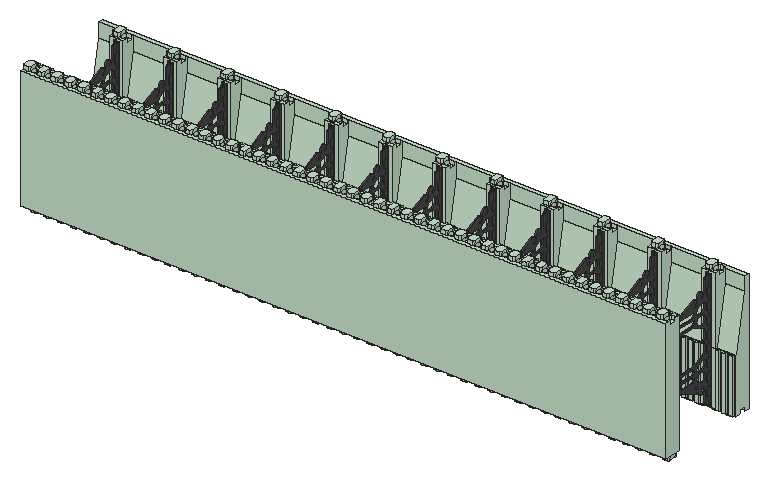
Revit family (continued)
Forms (mm)
  Extrusion 54, void
    sketch origin (1574.8, 0.004, 0) x (-1, 0, 0) y (0, -1, 0)
      loop
        arc (50.8, -101.014) -> (50.362, -98.696) -> (49.108, -96.698) r 6.35
        arc (49.108, -96.698) -> (48.795, -96.199) -> (48.685, -95.62) r 1.588
        line (48.685, -95.62) -> (48.685, -86.829) -> (44.346, -86.829) -> (44.346, -92.457)
        arc (44.346, -92.457) -> (43.786, -93.668) -> (42.5, -94.024) r 1.587
        arc (42.5, -94.024) -> (36.091, -93.737) -> (29.796, -94.972) r 26.988
        arc (29.796, -94.972) -> (26.615, -97.278) -> (25.4, -101.014) r 6.35
        line (25.4, -101.014) -> (25.4, -124.411)
    from 457.2 to 444.5
  Extrusion 55, void
    sketch origin (1371.6, 0.004, 0) x (-1, 0, 0) y (0, -1, 0)
      loop
        arc (25.4, -124.411) -> (26.615, -128.147) -> (29.796, -130.453) r 6.35
        arc (29.796, -130.453) -> (38.1, -131.763) -> (46.404, -130.453) r 26.987
        arc (46.404, -130.453) -> (49.585, -128.147) -> (50.8, -124.411) r 6.35
        line (50.8, -124.411) -> (50.8, -101.014)
        arc (50.8, -101.014) -> (50.362, -98.696) -> (49.108, -96.698) r 6.35
        arc (49.108, -96.698) -> (48.795, -96.199) -> (48.685, -95.62) r 1.588
        line (48.685, -95.62) -> (48.685, -86.829) -> (44.346, -86.829) -> (44.346, -92.457)
        arc (44.346, -92.457) -> (43.786, -93.668) -> (42.5, -94.024) r 1.587
        arc (42.5, -94.024) -> (36.091, -93.737) -> (29.796, -94.972) r 26.988
        arc (29.796, -94.972) -> (26.615, -97.278) -> (25.4, -101.014) r 6.35
        line (25.4, -101.014) -> (25.4, -124.411)
    from 457.2 to 444.5
  Extrusion 56, void
    sketch origin (1168.4, 0.004, 0) x (-1, 0, 0) y (0, -1, 0)
      loop
        arc (25.4, -124.411) -> (26.615, -128.147) -> (29.796, -130.453) r 6.35
        arc (29.796, -130.453) -> (38.1, -131.763) -> (46.404, -130.453) r 26.987
        arc (46.404, -130.453) -> (49.585, -128.147) -> (50.8, -124.411) r 6.35
        line (50.8, -124.411) -> (50.8, -101.014)
        arc (50.8, -101.014) -> (50.362, -98.696) -> (49.108, -96.698) r 6.35
        arc (49.108, -96.698) -> (48.795, -96.199) -> (48.685, -95.62) r 1.588
        line (48.685, -95.62) -> (48.685, -86.829) -> (44.346, -86.829) -> (44.346, -92.457)
        arc (44.346, -92.457) -> (43.786, -93.668) -> (42.5, -94.024) r 1.587
        arc (42.5, -94.024) -> (36.091, -93.737) -> (29.796, -94.972) r 26.988
        arc (29.796, -94.972) -> (26.615, -97.278) -> (25.4, -101.014) r 6.35
        line (25.4, -101.014) -> (25.4, -124.411)
    from 457.2 to 444.5
  Extrusion 57, void
    sketch origin (965.2, 0.004, 0) x (-1, 0, 0) y (0, -1, 0)
      loop
        arc (25.4, -124.411) -> (26.615, -128.147) -> (29.796, -130.453) r 6.35
        arc (29.796, -130.453) -> (38.1, -131.763) -> (46.404, -130.453) r 26.987
        arc (46.404, -130.453) -> (49.585, -128.147) -> (50.8, -124.411) r 6.35
        line (50.8, -124.411) -> (50.8, -101.014)
        arc (50.8, -101.014) -> (50.362, -98.696) -> (49.108, -96.698) r 6.35
        arc (49.108, -96.698) -> (48.795, -96.199) -> (48.685, -95.62) r 1.588
        line (48.685, -95.62) -> (48.685, -86.829) -> (44.346, -86.829) -> (44.346, -92.457)
        arc (44.346, -92.457) -> (43.786, -93.668) -> (42.5, -94.024) r 1.587
        arc (42.5, -94.024) -> (36.091, -93.737) -> (29.796, -94.972) r 26.988
        arc (29.796, -94.972) -> (26.615, -97.278) -> (25.4, -101.014) r 6.35
        line (25.4, -101.014) -> (25.4, -124.411)
    from 457.2 to 444.5
  Extrusion 58, void
    sketch origin (762, 0.004, 0) x (-1, 0, 0) y (0, -1, 0)
      loop
        arc (25.4, -124.411) -> (26.615, -128.147) -> (29.796, -130.453) r 6.35
        arc (29.796, -130.453) -> (38.1, -131.763) -> (46.404, -130.453) r 26.987
        arc (46.404, -130.453) -> (49.585, -128.147) -> (50.8, -124.411) r 6.35
        line (50.8, -124.411) -> (50.8, -101.014)
        arc (50.8, -101.014) -> (50.362, -98.696) -> (49.108, -96.698) r 6.35
        arc (49.108, -96.698) -> (48.795, -96.199) -> (48.685, -95.62) r 1.588
        line (48.685, -95.62) -> (48.685, -86.829) -> (44.346, -86.829) -> (44.346, -92.457)
        arc (44.346, -92.457) -> (43.786, -93.668) -> (42.5, -94.024) r 1.587
        arc (42.5, -94.024) -> (36.091, -93.737) -> (29.796, -94.972) r 26.988
        arc (29.796, -94.972) -> (26.615, -97.278) -> (25.4, -101.014) r 6.35
        line (25.4, -101.014) -> (25.4, -124.411)
    from 457.2 to 444.5
  Extrusion 59, void
    sketch origin (558.8, 0.004, 0) x (-1, 0, 0) y (0, -1, 0)
      loop
        arc (25.4, -124.411) -> (26.615, -128.147) -> (29.796, -130.453) r 6.35
        arc (29.796, -130.453) -> (38.1, -131.763) -> (46.404, -130.453) r 26.987
        arc (46.404, -130.453) -> (49.585, -128.147) -> (50.8, -124.411) r 6.35
        line (50.8, -124.411) -> (50.8, -101.014)
        arc (50.8, -101.014) -> (50.362, -98.696) -> (49.108, -96.698) r 6.35
        arc (49.108, -96.698) -> (48.795, -96.199) -> (48.685, -95.62) r 1.588
        line (48.685, -95.62) -> (48.685, -86.829) -> (44.346, -86.829) -> (44.346, -92.457)
        arc (44.346, -92.457) -> (43.786, -93.668) -> (42.5, -94.024) r 1.587
        arc (42.5, -94.024) -> (36.091, -93.737) -> (29.796, -94.972) r 26.988
        arc (29.796, -94.972) -> (26.615, -97.278) -> (25.4, -101.014) r 6.35
        line (25.4, -101.014) -> (25.4, -124.411)
    from 457.2 to 444.5
  Extrusion 60, void
    sketch origin (355.6, 0.004, 0) x (-1, 0, 0) y (0, -1, 0)
      loop
        arc (25.4, -124.411) -> (26.615, -128.147) -> (29.796, -130.453) r 6.35
        arc (29.796, -130.453) -> (38.1, -131.763) -> (46.404, -130.453) r 26.987
        arc (46.404, -130.453) -> (49.585, -128.147) -> (50.8, -124.411) r 6.35
        line (50.8, -124.411) -> (50.8, -101.014)
        arc (50.8, -101.014) -> (50.362, -98.696) -> (49.108, -96.698) r 6.35
        arc (49.108, -96.698) -> (48.795, -96.199) -> (48.685, -95.62) r 1.588
        line (48.685, -95.62) -> (48.685, -86.829) -> (44.346, -86.829) -> (44.346, -92.457)
        arc (44.346, -92.457) -> (43.786, -93.668) -> (42.5, -94.024) r 1.587
        arc (42.5, -94.024) -> (36.091, -93.737) -> (29.796, -94.972) r 26.988
        arc (29.796, -94.972) -> (26.615, -97.278) -> (25.4, -101.014) r 6.35
        line (25.4, -101.014) -> (25.4, -124.411)
    from 457.2 to 444.5
  Extrusion 61, void
    sketch origin (152.4, 0.004, 0) x (-1, 0, 0) y (0, -1, 0)
      loop
        arc (25.4, -124.411) -> (26.615, -128.147) -> (29.796, -130.453) r 6.35
        arc (29.796, -130.453) -> (38.1, -131.763) -> (46.404, -130.453) r 26.987
        arc (46.404, -130.453) -> (49.585, -128.147) -> (50.8, -124.411) r 6.35
        line (50.8, -124.411) -> (50.8, -101.014)
        arc (50.8, -101.014) -> (50.362, -98.696) -> (49.108, -96.698) r 6.35
        arc (49.108, -96.698) -> (48.795, -96.199) -> (48.685, -95.62) r 1.588
        line (48.685, -95.62) -> (48.685, -86.829) -> (44.346, -86.829) -> (44.346, -92.457)
        arc (44.346, -92.457) -> (43.786, -93.668) -> (42.5, -94.024) r 1.587
        arc (42.5, -94.024) -> (36.091, -93.737) -> (29.796, -94.972) r 26.988
        arc (29.796, -94.972) -> (26.615, -97.278) -> (25.4, -101.014) r 6.35
        line (25.4, -101.014) -> (25.4, -124.411)
    from 457.2 to 444.5
  Extrusion 62, void
    sketch origin (50.8, -101.596, 0) x (-1, 0, 0) y (0, -1, 0)
      loop
        line (25.4, 124.411) -> (25.4, 101.014)
        arc (25.4, 101.014) -> (26.615, 97.278) -> (29.796, 94.972) r 6.35
        arc (29.796, 94.972) -> (36.091, 93.737) -> (42.5, 94.024) r 26.988
        arc (42.5, 94.024) -> (43.786, 93.668) -> (44.346, 92.457) r 1.587
        line (44.346, 92.457) -> (44.346, 86.829) -> (48.685, 86.829) -> (48.685, 95.62)
        arc (48.685, 95.62) -> (48.795, 96.199) -> (49.108, 96.698) r 1.588
        arc (49.108, 96.698) -> (50.362, 98.696) -> (50.8, 101.014) r 6.35
        line (50.8, 101.014) -> (50.8, 124.411)
        arc (50.8, 124.411) -> (49.585, 128.147) -> (46.404, 130.453) r 6.35
        arc (46.404, 130.453) -> (38.1, 131.763) -> (29.796, 130.453) r 26.987
        arc (29.796, 130.453) -> (26.615, 128.147) -> (25.4, 124.411) r 6.35
    from 0 to 12.7
  Extrusion 63, void
    sketch origin (101.6, -101.596, 0) x (-1, 0, 0) y (0, -1, 0)
      loop
        line (25.4, 124.411) -> (25.4, 101.014)
        arc (25.4, 101.014) -> (26.615, 97.278) -> (29.796, 94.972) r 6.35
        arc (29.796, 94.972) -> (36.091, 93.737) -> (42.5, 94.024) r 26.988
        arc (42.5, 94.024) -> (43.786, 93.668) -> (44.346, 92.457) r 1.587
        line (44.346, 92.457) -> (44.346, 86.829) -> (48.685, 86.829) -> (48.685, 95.62)
        arc (48.685, 95.62) -> (48.795, 96.199) -> (49.108, 96.698) r 1.588
        arc (49.108, 96.698) -> (50.362, 98.696) -> (50.8, 101.014) r 6.35
        line (50.8, 101.014) -> (50.8, 124.411)
        arc (50.8, 124.411) -> (49.585, 128.147) -> (46.404, 130.453) r 6.35
        arc (46.404, 130.453) -> (38.1, 131.763) -> (29.796, 130.453) r 26.987
        arc (29.796, 130.453) -> (26.615, 128.147) -> (25.4, 124.411) r 6.35
    from 0 to 12.7
  Extrusion 64, void
    sketch origin (152.4, -101.596, 0) x (-1, 0, 0) y (0, -1, 0)
      loop
        line (25.4, 124.411) -> (25.4, 101.014)
        arc (25.4, 101.014) -> (26.615, 97.278) -> (29.796, 94.972) r 6.35
        arc (29.796, 94.972) -> (36.091, 93.737) -> (42.5, 94.024) r 26.988
        arc (42.5, 94.024) -> (43.786, 93.668) -> (44.346, 92.457) r 1.587
        line (44.346, 92.457) -> (44.346, 86.829) -> (48.685, 86.829) -> (48.685, 95.62)
        arc (48.685, 95.62) -> (48.795, 96.199) -> (49.108, 96.698) r 1.588
        arc (49.108, 96.698) -> (50.362, 98.696) -> (50.8, 101.014) r 6.35
        line (50.8, 101.014) -> (50.8, 124.411)
        arc (50.8, 124.411) -> (49.585, 128.147) -> (46.404, 130.453) r 6.35
        arc (46.404, 130.453) -> (38.1, 131.763) -> (29.796, 130.453) r 26.987
        arc (29.796, 130.453) -> (26.615, 128.147) -> (25.4, 124.411) r 6.35
    from 0 to 12.7
  Extrusion 65, void
    sketch origin (203.2, -101.596, 0) x (-1, 0, 0) y (0, -1, 0)
      loop
        line (25.4, 124.411) -> (25.4, 101.014)
        arc (25.4, 101.014) -> (26.615, 97.278) -> (29.796, 94.972) r 6.35
        arc (29.796, 94.972) -> (36.091, 93.737) -> (42.5, 94.024) r 26.988
        arc (42.5, 94.024) -> (43.786, 93.668) -> (44.346, 92.457) r 1.587
        line (44.346, 92.457) -> (44.346, 86.829) -> (48.685, 86.829) -> (48.685, 95.62)
        arc (48.685, 95.62) -> (48.795, 96.199) -> (49.108, 96.698) r 1.588
        arc (49.108, 96.698) -> (50.362, 98.696) -> (50.8, 101.014) r 6.35
        line (50.8, 101.014) -> (50.8, 124.411)
        arc (50.8, 124.411) -> (49.585, 128.147) -> (46.404, 130.453) r 6.35
        arc (46.404, 130.453) -> (38.1, 131.763) -> (29.796, 130.453) r 26.987
        arc (29.796, 130.453) -> (26.615, 128.147) -> (25.4, 124.411) r 6.35
    from 0 to 12.7
  Extrusion 66, void
    sketch origin (254, -101.596, 0) x (-1, 0, 0) y (0, -1, 0)
      loop
        line (25.4, 124.411) -> (25.4, 101.014)
        arc (25.4, 101.014) -> (26.615, 97.278) -> (29.796, 94.972) r 6.35
        arc (29.796, 94.972) -> (36.091, 93.737) -> (42.5, 94.024) r 26.988
        arc (42.5, 94.024) -> (43.786, 93.668) -> (44.346, 92.457) r 1.587
        line (44.346, 92.457) -> (44.346, 86.829) -> (48.685, 86.829) -> (48.685, 95.62)
        arc (48.685, 95.62) -> (48.795, 96.199) -> (49.108, 96.698) r 1.588
        arc (49.108, 96.698) -> (50.362, 98.696) -> (50.8, 101.014) r 6.35
        line (50.8, 101.014) -> (50.8, 124.411)
        arc (50.8, 124.411) -> (49.585, 128.147) -> (46.404, 130.453) r 6.35
        arc (46.404, 130.453) -> (38.1, 131.763) -> (29.796, 130.453) r 26.987
        arc (29.796, 130.453) -> (26.615, 128.147) -> (25.4, 124.411) r 6.35
    from 0 to 12.7
  Extrusion 67, void
    sketch origin (304.8, -101.596, 0) x (-1, 0, 0) y (0, -1, 0)
      loop
        line (25.4, 124.411) -> (25.4, 101.014)
        arc (25.4, 101.014) -> (26.615, 97.278) -> (29.796, 94.972) r 6.35
        arc (29.796, 94.972) -> (36.091, 93.737) -> (42.5, 94.024) r 26.988
        arc (42.5, 94.024) -> (43.786, 93.668) -> (44.346, 92.457) r 1.587
        line (44.346, 92.457) -> (44.346, 86.829) -> (48.685, 86.829) -> (48.685, 95.62)
        arc (48.685, 95.62) -> (48.795, 96.199) -> (49.108, 96.698) r 1.588
        arc (49.108, 96.698) -> (50.362, 98.696) -> (50.8, 101.014) r 6.35
        line (50.8, 101.014) -> (50.8, 124.411)
        arc (50.8, 124.411) -> (49.585, 128.147) -> (46.404, 130.453) r 6.35
        arc (46.404, 130.453) -> (38.1, 131.763) -> (29.796, 130.453) r 26.987
        arc (29.796, 130.453) -> (26.615, 128.147) -> (25.4, 124.411) r 6.35
    from 0 to 12.7
  Extrusion 68, void
    sketch origin (355.6, -101.596, 0) x (-1, 0, 0) y (0, -1, 0)
      loop
        line (25.4, 124.411) -> (25.4, 101.014)
        arc (25.4, 101.014) -> (26.615, 97.278) -> (29.796, 94.972) r 6.35
        arc (29.796, 94.972) -> (36.091, 93.737) -> (42.5, 94.024) r 26.988
        arc (42.5, 94.024) -> (43.786, 93.668) -> (44.346, 92.457) r 1.587
        line (44.346, 92.457) -> (44.346, 86.829) -> (48.685, 86.829) -> (48.685, 95.62)
        arc (48.685, 95.62) -> (48.795, 96.199) -> (49.108, 96.698) r 1.588
        arc (49.108, 96.698) -> (50.362, 98.696) -> (50.8, 101.014) r 6.35
        line (50.8, 101.014) -> (50.8, 124.411)
        arc (50.8, 124.411) -> (49.585, 128.147) -> (46.404, 130.453) r 6.35
        arc (46.404, 130.453) -> (38.1, 131.763) -> (29.796, 130.453) r 26.987
        arc (29.796, 130.453) -> (26.615, 128.147) -> (25.4, 124.411) r 6.35
    from 0 to 12.7
  Extrusion 69, void
    sketch origin (406.4, -101.596, 0) x (-1, 0, 0) y (0, -1, 0)
      loop
        line (25.4, 124.411) -> (25.4, 101.014)
        arc (25.4, 101.014) -> (26.615, 97.278) -> (29.796, 94.972) r 6.35
        arc (29.796, 94.972) -> (36.091, 93.737) -> (42.5, 94.024) r 26.988
        arc (42.5, 94.024) -> (43.786, 93.668) -> (44.346, 92.457) r 1.587
        line (44.346, 92.457) -> (44.346, 86.829) -> (48.685, 86.829) -> (48.685, 95.62)
        arc (48.685, 95.62) -> (48.795, 96.199) -> (49.108, 96.698) r 1.588
        arc (49.108, 96.698) -> (50.362, 98.696) -> (50.8, 101.014) r 6.35
        line (50.8, 101.014) -> (50.8, 124.411)
        arc (50.8, 124.411) -> (49.585, 128.147) -> (46.404, 130.453) r 6.35
        arc (46.404, 130.453) -> (38.1, 131.763) -> (29.796, 130.453) r 26.987
        arc (29.796, 130.453) -> (26.615, 128.147) -> (25.4, 124.411) r 6.35
    from 0 to 12.7
  Extrusion 70, void
    sketch origin (457.2, -101.596, 0) x (-1, 0, 0) y (0, -1, 0)
      loop
        line (25.4, 124.411) -> (25.4, 101.014)
        arc (25.4, 101.014) -> (26.615, 97.278) -> (29.796, 94.972) r 6.35
        arc (29.796, 94.972) -> (36.091, 93.737) -> (42.5, 94.024) r 26.988
        arc (42.5, 94.024) -> (43.786, 93.668) -> (44.346, 92.457) r 1.587
        line (44.346, 92.457) -> (44.346, 86.829) -> (48.685, 86.829) -> (48.685, 95.62)
        arc (48.685, 95.62) -> (48.795, 96.199) -> (49.108, 96.698) r 1.588
        arc (49.108, 96.698) -> (50.362, 98.696) -> (50.8, 101.014) r 6.35
        line (50.8, 101.014) -> (50.8, 124.411)
        arc (50.8, 124.411) -> (49.585, 128.147) -> (46.404, 130.453) r 6.35
        arc (46.404, 130.453) -> (38.1, 131.763) -> (29.796, 130.453) r 26.987
        arc (29.796, 130.453) -> (26.615, 128.147) -> (25.4, 124.411) r 6.35
    from 0 to 12.7
  Extrusion 71, void
    sketch origin (508, -101.596, 0) x (-1, 0, 0) y (0, -1, 0)
      loop
        line (25.4, 124.411) -> (25.4, 101.014)
        arc (25.4, 101.014) -> (26.615, 97.278) -> (29.796, 94.972) r 6.35
        arc (29.796, 94.972) -> (36.091, 93.737) -> (42.5, 94.024) r 26.988
        arc (42.5, 94.024) -> (43.786, 93.668) -> (44.346, 92.457) r 1.587
        line (44.346, 92.457) -> (44.346, 86.829) -> (48.685, 86.829) -> (48.685, 95.62)
        arc (48.685, 95.62) -> (48.795, 96.199) -> (49.108, 96.698) r 1.588
        arc (49.108, 96.698) -> (50.362, 98.696) -> (50.8, 101.014) r 6.35
        line (50.8, 101.014) -> (50.8, 124.411)
        arc (50.8, 124.411) -> (49.585, 128.147) -> (46.404, 130.453) r 6.35
        arc (46.404, 130.453) -> (38.1, 131.763) -> (29.796, 130.453) r 26.987
        arc (29.796, 130.453) -> (26.615, 128.147) -> (25.4, 124.411) r 6.35
    from 0 to 12.7
  Extrusion 72, void
    sketch origin (558.8, -101.596, 0) x (-1, 0, 0) y (0, -1, 0)
      loop
        line (25.4, 124.411) -> (25.4, 101.014)
        arc (25.4, 101.014) -> (26.615, 97.278) -> (29.796, 94.972) r 6.35
        arc (29.796, 94.972) -> (36.091, 93.737) -> (42.5, 94.024) r 26.988
        arc (42.5, 94.024) -> (43.786, 93.668) -> (44.346, 92.457) r 1.587
        line (44.346, 92.457) -> (44.346, 86.829) -> (48.685, 86.829) -> (48.685, 95.62)
        arc (48.685, 95.62) -> (48.795, 96.199) -> (49.108, 96.698) r 1.588
        arc (49.108, 96.698) -> (50.362, 98.696) -> (50.8, 101.014) r 6.35
        line (50.8, 101.014) -> (50.8, 124.411)
        arc (50.8, 124.411) -> (49.585, 128.147) -> (46.404, 130.453) r 6.35
        arc (46.404, 130.453) -> (38.1, 131.763) -> (29.796, 130.453) r 26.987
        arc (29.796, 130.453) -> (26.615, 128.147) -> (25.4, 124.411) r 6.35
    from 0 to 12.7
  Extrusion 73, void
    sketch origin (609.6, -101.596, 0) x (-1, 0, 0) y (0, -1, 0)
      loop
        line (25.4, 124.411) -> (25.4, 101.014)
        arc (25.4, 101.014) -> (26.615, 97.278) -> (29.796, 94.972) r 6.35
        arc (29.796, 94.972) -> (36.091, 93.737) -> (42.5, 94.024) r 26.988
        arc (42.5, 94.024) -> (43.786, 93.668) -> (44.346, 92.457) r 1.587
        line (44.346, 92.457) -> (44.346, 86.829) -> (48.685, 86.829) -> (48.685, 95.62)
        arc (48.685, 95.62) -> (48.795, 96.199) -> (49.108, 96.698) r 1.588
        arc (49.108, 96.698) -> (50.362, 98.696) -> (50.8, 101.014) r 6.35
        line (50.8, 101.014) -> (50.8, 124.411)
        arc (50.8, 124.411) -> (49.585, 128.147) -> (46.404, 130.453) r 6.35
        arc (46.404, 130.453) -> (38.1, 131.763) -> (29.796, 130.453) r 26.987
        arc (29.796, 130.453) -> (26.615, 128.147) -> (25.4, 124.411) r 6.35
    from 0 to 12.7
  Extrusion 74, void
    sketch origin (660.4, -101.596, 0) x (-1, 0, 0) y (0, -1, 0)
      loop
        line (25.4, 124.411) -> (25.4, 101.014)
        arc (25.4, 101.014) -> (26.615, 97.278) -> (29.796, 94.972) r 6.35
        arc (29.796, 94.972) -> (36.091, 93.737) -> (42.5, 94.024) r 26.988
        arc (42.5, 94.024) -> (43.786, 93.668) -> (44.346, 92.457) r 1.587
        line (44.346, 92.457) -> (44.346, 86.829) -> (48.685, 86.829) -> (48.685, 95.62)
        arc (48.685, 95.62) -> (48.795, 96.199) -> (49.108, 96.698) r 1.588
        arc (49.108, 96.698) -> (50.362, 98.696) -> (50.8, 101.014) r 6.35
        line (50.8, 101.014) -> (50.8, 124.411)
        arc (50.8, 124.411) -> (49.585, 128.147) -> (46.404, 130.453) r 6.35
        arc (46.404, 130.453) -> (38.1, 131.763) -> (29.796, 130.453) r 26.987
        arc (29.796, 130.453) -> (26.615, 128.147) -> (25.4, 124.411) r 6.35
    from 0 to 12.7
  Extrusion 75, void
    sketch origin (711.2, -101.596, 0) x (-1, 0, 0) y (0, -1, 0)
      loop
        line (25.4, 124.411) -> (25.4, 101.014)
        arc (25.4, 101.014) -> (26.615, 97.278) -> (29.796, 94.972) r 6.35
        arc (29.796, 94.972) -> (36.091, 93.737) -> (42.5, 94.024) r 26.988
        arc (42.5, 94.024) -> (43.786, 93.668) -> (44.346, 92.457) r 1.587
        line (44.346, 92.457) -> (44.346, 86.829) -> (48.685, 86.829) -> (48.685, 95.62)
        arc (48.685, 95.62) -> (48.795, 96.199) -> (49.108, 96.698) r 1.588
        arc (49.108, 96.698) -> (50.362, 98.696) -> (50.8, 101.014) r 6.35
        line (50.8, 101.014) -> (50.8, 124.411)
        arc (50.8, 124.411) -> (49.585, 128.147) -> (46.404, 130.453) r 6.35
        arc (46.404, 130.453) -> (38.1, 131.763) -> (29.796, 130.453) r 26.987
        arc (29.796, 130.453) -> (26.615, 128.147) -> (25.4, 124.411) r 6.35
    from 0 to 12.7
  Extrusion 76, void
    sketch origin (762, -101.596, 0) x (-1, 0, 0) y (0, -1, 0)
      loop
        line (25.4, 124.411) -> (25.4, 101.014)
        arc (25.4, 101.014) -> (26.615, 97.278) -> (29.796, 94.972) r 6.35
        arc (29.796, 94.972) -> (36.091, 93.737) -> (42.5, 94.024) r 26.988
        arc (42.5, 94.024) -> (43.786, 93.668) -> (44.346, 92.457) r 1.587
        line (44.346, 92.457) -> (44.346, 86.829) -> (48.685, 86.829) -> (48.685, 95.62)
        arc (48.685, 95.62) -> (48.795, 96.199) -> (49.108, 96.698) r 1.588
        arc (49.108, 96.698) -> (50.362, 98.696) -> (50.8, 101.014) r 6.35
        line (50.8, 101.014) -> (50.8, 124.411)
        arc (50.8, 124.411) -> (49.585, 128.147) -> (46.404, 130.453) r 6.35
        arc (46.404, 130.453) -> (38.1, 131.763) -> (29.796, 130.453) r 26.987
        arc (29.796, 130.453) -> (26.615, 128.147) -> (25.4, 124.411) r 6.35
    from 0 to 12.7
  Extrusion 77, void
    sketch origin (812.8, -101.596, 0) x (-1, 0, 0) y (0, -1, 0)
      loop
        line (25.4, 124.411) -> (25.4, 101.014)
        arc (25.4, 101.014) -> (26.615, 97.278) -> (29.796, 94.972) r 6.35
        arc (29.796, 94.972) -> (36.091, 93.737) -> (42.5, 94.024) r 26.988
        arc (42.5, 94.024) -> (43.786, 93.668) -> (44.346, 92.457) r 1.587
        line (44.346, 92.457) -> (44.346, 86.829) -> (48.685, 86.829) -> (48.685, 95.62)
        arc (48.685, 95.62) -> (48.795, 96.199) -> (49.108, 96.698) r 1.588
        arc (49.108, 96.698) -> (50.362, 98.696) -> (50.8, 101.014) r 6.35
        line (50.8, 101.014) -> (50.8, 124.411)
        arc (50.8, 124.411) -> (49.585, 128.147) -> (46.404, 130.453) r 6.35
        arc (46.404, 130.453) -> (38.1, 131.763) -> (29.796, 130.453) r 26.987
        arc (29.796, 130.453) -> (26.615, 128.147) -> (25.4, 124.411) r 6.35
    from 0 to 12.7
  Extrusion 78, void
    sketch origin (863.6, -101.596, 0) x (-1, 0, 0) y (0, -1, 0)
      loop
        line (25.4, 124.411) -> (25.4, 101.014)
        arc (25.4, 101.014) -> (26.615, 97.278) -> (29.796, 94.972) r 6.35
        arc (29.796, 94.972) -> (36.091, 93.737) -> (42.5, 94.024) r 26.988
        arc (42.5, 94.024) -> (43.786, 93.668) -> (44.346, 92.457) r 1.587
        line (44.346, 92.457) -> (44.346, 86.829) -> (48.685, 86.829) -> (48.685, 95.62)
        arc (48.685, 95.62) -> (48.795, 96.199) -> (49.108, 96.698) r 1.588
        arc (49.108, 96.698) -> (50.362, 98.696) -> (50.8, 101.014) r 6.35
        line (50.8, 101.014) -> (50.8, 124.411)
        arc (50.8, 124.411) -> (49.585, 128.147) -> (46.404, 130.453) r 6.35
        arc (46.404, 130.453) -> (38.1, 131.763) -> (29.796, 130.453) r 26.987
        arc (29.796, 130.453) -> (26.615, 128.147) -> (25.4, 124.411) r 6.35
    from 0 to 12.7
  Extrusion 79, void
    sketch origin (914.4, -101.596, 0) x (-1, 0, 0) y (0, -1, 0)
      loop
        line (25.4, 124.411) -> (25.4, 101.014)
        arc (25.4, 101.014) -> (26.615, 97.278) -> (29.796, 94.972) r 6.35
        arc (29.796, 94.972) -> (36.091, 93.737) -> (42.5, 94.024) r 26.988
        arc (42.5, 94.024) -> (43.786, 93.668) -> (44.346, 92.457) r 1.587
        line (44.346, 92.457) -> (44.346, 86.829) -> (48.685, 86.829) -> (48.685, 95.62)
        arc (48.685, 95.62) -> (48.795, 96.199) -> (49.108, 96.698) r 1.588
        arc (49.108, 96.698) -> (50.362, 98.696) -> (50.8, 101.014) r 6.35
        line (50.8, 101.014) -> (50.8, 124.411)
        arc (50.8, 124.411) -> (49.585, 128.147) -> (46.404, 130.453) r 6.35
        arc (46.404, 130.453) -> (38.1, 131.763) -> (29.796, 130.453) r 26.987
        arc (29.796, 130.453) -> (26.615, 128.147) -> (25.4, 124.411) r 6.35
    from 0 to 12.7
  Extrusion 80, void
    sketch origin (965.2, -101.596, 0) x (-1, 0, 0) y (0, -1, 0)
      loop
        line (25.4, 124.411) -> (25.4, 101.014)
        arc (25.4, 101.014) -> (26.615, 97.278) -> (29.796, 94.972) r 6.35
        arc (29.796, 94.972) -> (36.091, 93.737) -> (42.5, 94.024) r 26.988
        arc (42.5, 94.024) -> (43.786, 93.668) -> (44.346, 92.457) r 1.587
        line (44.346, 92.457) -> (44.346, 86.829) -> (48.685, 86.829) -> (48.685, 95.62)
        arc (48.685, 95.62) -> (48.795, 96.199) -> (49.108, 96.698) r 1.588
        arc (49.108, 96.698) -> (50.362, 98.696) -> (50.8, 101.014) r 6.35
        line (50.8, 101.014) -> (50.8, 124.411)
        arc (50.8, 124.411) -> (49.585, 128.147) -> (46.404, 130.453) r 6.35
        arc (46.404, 130.453) -> (38.1, 131.763) -> (29.796, 130.453) r 26.987
        arc (29.796, 130.453) -> (26.615, 128.147) -> (25.4, 124.411) r 6.35
    from 0 to 12.7
  Extrusion 81, void
    sketch origin (1016, -101.596, 0) x (-1, 0, 0) y (0, -1, 0)
      loop
        line (25.4, 124.411) -> (25.4, 101.014)
        arc (25.4, 101.014) -> (26.615, 97.278) -> (29.796, 94.972) r 6.35
        arc (29.796, 94.972) -> (36.091, 93.737) -> (42.5, 94.024) r 26.988
        arc (42.5, 94.024) -> (43.786, 93.668) -> (44.346, 92.457) r 1.587
        line (44.346, 92.457) -> (44.346, 86.829) -> (48.685, 86.829) -> (48.685, 95.62)
        arc (48.685, 95.62) -> (48.795, 96.199) -> (49.108, 96.698) r 1.588
        arc (49.108, 96.698) -> (50.362, 98.696) -> (50.8, 101.014) r 6.35
        line (50.8, 101.014) -> (50.8, 124.411)
        arc (50.8, 124.411) -> (49.585, 128.147) -> (46.404, 130.453) r 6.35
        arc (46.404, 130.453) -> (38.1, 131.763) -> (29.796, 130.453) r 26.987
        arc (29.796, 130.453) -> (26.615, 128.147) -> (25.4, 124.411) r 6.35
    from 0 to 12.7
  Extrusion 82, void
    sketch origin (1066.8, -101.596, 0) x (-1, 0, 0) y (0, -1, 0)
      loop
        line (25.4, 124.411) -> (25.4, 101.014)
        arc (25.4, 101.014) -> (26.615, 97.278) -> (29.796, 94.972) r 6.35
        arc (29.796, 94.972) -> (36.091, 93.737) -> (42.5, 94.024) r 26.988
        arc (42.5, 94.024) -> (43.786, 93.668) -> (44.346, 92.457) r 1.587
        line (44.346, 92.457) -> (44.346, 86.829) -> (48.685, 86.829) -> (48.685, 95.62)
        arc (48.685, 95.62) -> (48.795, 96.199) -> (49.108, 96.698) r 1.588
        arc (49.108, 96.698) -> (50.362, 98.696) -> (50.8, 101.014) r 6.35
        line (50.8, 101.014) -> (50.8, 124.411)
        arc (50.8, 124.411) -> (49.585, 128.147) -> (46.404, 130.453) r 6.35
        arc (46.404, 130.453) -> (38.1, 131.763) -> (29.796, 130.453) r 26.987
        arc (29.796, 130.453) -> (26.615, 128.147) -> (25.4, 124.411) r 6.35
    from 0 to 12.7
  Extrusion 83, void
    sketch origin (1117.6, -101.596, 0) x (-1, 0, 0) y (0, -1, 0)
      loop
        line (25.4, 124.411) -> (25.4, 101.014)
        arc (25.4, 101.014) -> (26.615, 97.278) -> (29.796, 94.972) r 6.35
        arc (29.796, 94.972) -> (36.091, 93.737) -> (42.5, 94.024) r 26.988
        arc (42.5, 94.024) -> (43.786, 93.668) -> (44.346, 92.457) r 1.587
        line (44.346, 92.457) -> (44.346, 86.829) -> (48.685, 86.829) -> (48.685, 95.62)
        arc (48.685, 95.62) -> (48.795, 96.199) -> (49.108, 96.698) r 1.588
        arc (49.108, 96.698) -> (50.362, 98.696) -> (50.8, 101.014) r 6.35
        line (50.8, 101.014) -> (50.8, 124.411)
        arc (50.8, 124.411) -> (49.585, 128.147) -> (46.404, 130.453) r 6.35
        arc (46.404, 130.453) -> (38.1, 131.763) -> (29.796, 130.453) r 26.987
        arc (29.796, 130.453) -> (26.615, 128.147) -> (25.4, 124.411) r 6.35
    from 0 to 12.7
  Extrusion 84, void
    sketch origin (1168.4, -101.596, 0) x (-1, 0, 0) y (0, -1, 0)
      loop
        line (25.4, 124.411) -> (25.4, 101.014)
        arc (25.4, 101.014) -> (26.615, 97.278) -> (29.796, 94.972) r 6.35
        arc (29.796, 94.972) -> (36.091, 93.737) -> (42.5, 94.024) r 26.988
        arc (42.5, 94.024) -> (43.786, 93.668) -> (44.346, 92.457) r 1.587
        line (44.346, 92.457) -> (44.346, 86.829) -> (48.685, 86.829) -> (48.685, 95.62)
        arc (48.685, 95.62) -> (48.795, 96.199) -> (49.108, 96.698) r 1.588
        arc (49.108, 96.698) -> (50.362, 98.696) -> (50.8, 101.014) r 6.35
        line (50.8, 101.014) -> (50.8, 124.411)
        arc (50.8, 124.411) -> (49.585, 128.147) -> (46.404, 130.453) r 6.35
        arc (46.404, 130.453) -> (38.1, 131.763) -> (29.796, 130.453) r 26.987
        arc (29.796, 130.453) -> (26.615, 128.147) -> (25.4, 124.411) r 6.35
    from 0 to 12.7
  Extrusion 85, void
    sketch origin (1219.2, -101.596, 0) x (-1, 0, 0) y (0, -1, 0)
      loop
        line (25.4, 124.411) -> (25.4, 101.014)
        arc (25.4, 101.014) -> (26.615, 97.278) -> (29.796, 94.972) r 6.35
        arc (29.796, 94.972) -> (36.091, 93.737) -> (42.5, 94.024) r 26.988
        arc (42.5, 94.024) -> (43.786, 93.668) -> (44.346, 92.457) r 1.587
        line (44.346, 92.457) -> (44.346, 86.829) -> (48.685, 86.829) -> (48.685, 95.62)
        arc (48.685, 95.62) -> (48.795, 96.199) -> (49.108, 96.698) r 1.588
        arc (49.108, 96.698) -> (50.362, 98.696) -> (50.8, 101.014) r 6.35
        line (50.8, 101.014) -> (50.8, 124.411)
        arc (50.8, 124.411) -> (49.585, 128.147) -> (46.404, 130.453) r 6.35
        arc (46.404, 130.453) -> (38.1, 131.763) -> (29.796, 130.453) r 26.987
        arc (29.796, 130.453) -> (26.615, 128.147) -> (25.4, 124.411) r 6.35
    from 0 to 12.7
  Extrusion 86, void
    sketch origin (1270, -101.596, 0) x (-1, 0, 0) y (0, -1, 0)
      loop
        line (25.4, 124.411) -> (25.4, 101.014)
        arc (25.4, 101.014) -> (26.615, 97.278) -> (29.796, 94.972) r 6.35
        arc (29.796, 94.972) -> (36.091, 93.737) -> (42.5, 94.024) r 26.988
        arc (42.5, 94.024) -> (43.786, 93.668) -> (44.346, 92.457) r 1.587
        line (44.346, 92.457) -> (44.346, 86.829) -> (48.685, 86.829) -> (48.685, 95.62)
        arc (48.685, 95.62) -> (48.795, 96.199) -> (49.108, 96.698) r 1.588
        arc (49.108, 96.698) -> (50.362, 98.696) -> (50.8, 101.014) r 6.35
        line (50.8, 101.014) -> (50.8, 124.411)
        arc (50.8, 124.411) -> (49.585, 128.147) -> (46.404, 130.453) r 6.35
        arc (46.404, 130.453) -> (38.1, 131.763) -> (29.796, 130.453) r 26.987
        arc (29.796, 130.453) -> (26.615, 128.147) -> (25.4, 124.411) r 6.35
    from 0 to 12.7
  Extrusion 87, void
    sketch origin (1320.8, -101.596, 0) x (-1, 0, 0) y (0, -1, 0)
      loop
        line (25.4, 124.411) -> (25.4, 101.014)
        arc (25.4, 101.014) -> (26.615, 97.278) -> (29.796, 94.972) r 6.35
        arc (29.796, 94.972) -> (36.091, 93.737) -> (42.5, 94.024) r 26.988
        arc (42.5, 94.024) -> (43.786, 93.668) -> (44.346, 92.457) r 1.587
        line (44.346, 92.457) -> (44.346, 86.829) -> (48.685, 86.829) -> (48.685, 95.62)
        arc (48.685, 95.62) -> (48.795, 96.199) -> (49.108, 96.698) r 1.588
        arc (49.108, 96.698) -> (50.362, 98.696) -> (50.8, 101.014) r 6.35
        line (50.8, 101.014) -> (50.8, 124.411)
        arc (50.8, 124.411) -> (49.585, 128.147) -> (46.404, 130.453) r 6.35
        arc (46.404, 130.453) -> (38.1, 131.763) -> (29.796, 130.453) r 26.987
        arc (29.796, 130.453) -> (26.615, 128.147) -> (25.4, 124.411) r 6.35
    from 0 to 12.7
  Extrusion 88, void
    sketch origin (1371.6, -101.596, 0) x (-1, 0, 0) y (0, -1, 0)
      loop
        line (25.4, 124.411) -> (25.4, 101.014)
        arc (25.4, 101.014) -> (26.615, 97.278) -> (29.796, 94.972) r 6.35
        arc (29.796, 94.972) -> (36.091, 93.737) -> (42.5, 94.024) r 26.988
        arc (42.5, 94.024) -> (43.786, 93.668) -> (44.346, 92.457) r 1.587
        line (44.346, 92.457) -> (44.346, 86.829) -> (48.685, 86.829) -> (48.685, 95.62)
        arc (48.685, 95.62) -> (48.795, 96.199) -> (49.108, 96.698) r 1.588
        arc (49.108, 96.698) -> (50.362, 98.696) -> (50.8, 101.014) r 6.35
        line (50.8, 101.014) -> (50.8, 124.411)
        arc (50.8, 124.411) -> (49.585, 128.147) -> (46.404, 130.453) r 6.35
        arc (46.404, 130.453) -> (38.1, 131.763) -> (29.796, 130.453) r 26.987
        arc (29.796, 130.453) -> (26.615, 128.147) -> (25.4, 124.411) r 6.35
    from 0 to 12.7
  Extrusion 89, void
    sketch origin (1422.4, -101.596, 0) x (-1, 0, 0) y (0, -1, 0)
      loop
        line (25.4, 124.411) -> (25.4, 101.014)
        arc (25.4, 101.014) -> (26.615, 97.278) -> (29.796, 94.972) r 6.35
        arc (29.796, 94.972) -> (36.091, 93.737) -> (42.5, 94.024) r 26.988
        arc (42.5, 94.024) -> (43.786, 93.668) -> (44.346, 92.457) r 1.587
        line (44.346, 92.457) -> (44.346, 86.829) -> (48.685, 86.829) -> (48.685, 95.62)
        arc (48.685, 95.62) -> (48.795, 96.199) -> (49.108, 96.698) r 1.588
        arc (49.108, 96.698) -> (50.362, 98.696) -> (50.8, 101.014) r 6.35
        line (50.8, 101.014) -> (50.8, 124.411)
        arc (50.8, 124.411) -> (49.585, 128.147) -> (46.404, 130.453) r 6.35
        arc (46.404, 130.453) -> (38.1, 131.763) -> (29.796, 130.453) r 26.987
        arc (29.796, 130.453) -> (26.615, 128.147) -> (25.4, 124.411) r 6.35
    from 0 to 12.7
  Extrusion 90, void
    sketch origin (1473.2, -101.596, 0) x (-1, 0, 0) y (0, -1, 0)
      loop
        line (25.4, 124.411) -> (25.4, 101.014)
        arc (25.4, 101.014) -> (26.615, 97.278) -> (29.796, 94.972) r 6.35
        arc (29.796, 94.972) -> (36.091, 93.737) -> (42.5, 94.024) r 26.988
        arc (42.5, 94.024) -> (43.786, 93.668) -> (44.346, 92.457) r 1.587
        line (44.346, 92.457) -> (44.346, 86.829) -> (48.685, 86.829) -> (48.685, 95.62)
        arc (48.685, 95.62) -> (48.795, 96.199) -> (49.108, 96.698) r 1.588
        arc (49.108, 96.698) -> (50.362, 98.696) -> (50.8, 101.014) r 6.35
        line (50.8, 101.014) -> (50.8, 124.411)
        arc (50.8, 124.411) -> (49.585, 128.147) -> (46.404, 130.453) r 6.35
        arc (46.404, 130.453) -> (38.1, 131.763) -> (29.796, 130.453) r 26.987
        arc (29.796, 130.453) -> (26.615, 128.147) -> (25.4, 124.411) r 6.35
    from 0 to 12.7
  Extrusion 91, void
    sketch origin (1524, -101.596, 0) x (-1, 0, 0) y (0, -1, 0)
      loop
        line (25.4, 124.411) -> (25.4, 101.014)
        arc (25.4, 101.014) -> (26.615, 97.278) -> (29.796, 94.972) r 6.35
        arc (29.796, 94.972) -> (36.091, 93.737) -> (42.5, 94.024) r 26.988
        arc (42.5, 94.024) -> (43.786, 93.668) -> (44.346, 92.457) r 1.587
        line (44.346, 92.457) -> (44.346, 86.829) -> (48.685, 86.829) -> (48.685, 95.62)
        arc (48.685, 95.62) -> (48.795, 96.199) -> (49.108, 96.698) r 1.588
        arc (49.108, 96.698) -> (50.362, 98.696) -> (50.8, 101.014) r 6.35
        line (50.8, 101.014) -> (50.8, 124.411)
        arc (50.8, 124.411) -> (49.585, 128.147) -> (46.404, 130.453) r 6.35
        arc (46.404, 130.453) -> (38.1, 131.763) -> (29.796, 130.453) r 26.987
        arc (29.796, 130.453) -> (26.615, 128.147) -> (25.4, 124.411) r 6.35
    from 0 to 12.7
  Extrusion 92, void
    sketch origin (1574.8, -101.596, 0) x (-1, 0, 0) y (0, -1, 0)
      loop
        line (25.4, 124.411) -> (25.4, 101.014)
        arc (25.4, 101.014) -> (26.615, 97.278) -> (29.796, 94.972) r 6.35
        arc (29.796, 94.972) -> (36.091, 93.737) -> (42.5, 94.024) r 26.988
        arc (42.5, 94.024) -> (43.786, 93.668) -> (44.346, 92.457) r 1.587
        line (44.346, 92.457) -> (44.346, 86.829) -> (48.685, 86.829) -> (48.685, 95.62)
        arc (48.685, 95.62) -> (48.795, 96.199) -> (49.108, 96.698) r 1.588
        arc (49.108, 96.698) -> (50.362, 98.696) -> (50.8, 101.014) r 6.35
        line (50.8, 101.014) -> (50.8, 124.411)
        arc (50.8, 124.411) -> (49.585, 128.147) -> (46.404, 130.453) r 6.35
        arc (46.404, 130.453) -> (38.1, 131.763) -> (29.796, 130.453) r 26.987
        arc (29.796, 130.453) -> (26.615, 128.147) -> (25.4, 124.411) r 6.35
    from 0 to 12.7
  Extrusion 93, void
    sketch origin (1625.6, -101.596, 0) x (-1, 0, 0) y (0, -1, 0)
      loop
        line (25.4, 124.411) -> (25.4, 101.014)
        arc (25.4, 101.014) -> (26.615, 97.278) -> (29.796, 94.972) r 6.35
        arc (29.796, 94.972) -> (36.091, 93.737) -> (42.5, 94.024) r 26.988
        arc (42.5, 94.024) -> (43.786, 93.668) -> (44.346, 92.457) r 1.587
        line (44.346, 92.457) -> (44.346, 86.829) -> (48.685, 86.829) -> (48.685, 95.62)
        arc (48.685, 95.62) -> (48.795, 96.199) -> (49.108, 96.698) r 1.588
        arc (49.108, 96.698) -> (50.362, 98.696) -> (50.8, 101.014) r 6.35
        line (50.8, 101.014) -> (50.8, 124.411)
        arc (50.8, 124.411) -> (49.585, 128.147) -> (46.404, 130.453) r 6.35
        arc (46.404, 130.453) -> (38.1, 131.763) -> (29.796, 130.453) r 26.987
        arc (29.796, 130.453) -> (26.615, 128.147) -> (25.4, 124.411) r 6.35
    from 0 to 12.7
  Extrusion 94, void
    sketch origin (1676.4, -101.596, 0) x (-1, 0, 0) y (0, -1, 0)
      loop
        line (25.4, 124.411) -> (25.4, 101.014)
        arc (25.4, 101.014) -> (26.615, 97.278) -> (29.796, 94.972) r 6.35
        arc (29.796, 94.972) -> (36.091, 93.737) -> (42.5, 94.024) r 26.988
        arc (42.5, 94.024) -> (43.786, 93.668) -> (44.346, 92.457) r 1.587
        line (44.346, 92.457) -> (44.346, 86.829) -> (48.685, 86.829) -> (48.685, 95.62)
        arc (48.685, 95.62) -> (48.795, 96.199) -> (49.108, 96.698) r 1.588
        arc (49.108, 96.698) -> (50.362, 98.696) -> (50.8, 101.014) r 6.35
        line (50.8, 101.014) -> (50.8, 124.411)
        arc (50.8, 124.411) -> (49.585, 128.147) -> (46.404, 130.453) r 6.35
        arc (46.404, 130.453) -> (38.1, 131.763) -> (29.796, 130.453) r 26.987
        arc (29.796, 130.453) -> (26.615, 128.147) -> (25.4, 124.411) r 6.35
    from 0 to 12.7
  Extrusion 95, void
    sketch origin (1727.2, -101.596, 0) x (-1, 0, 0) y (0, -1, 0)
      loop
        line (25.4, 124.411) -> (25.4, 101.014)
        arc (25.4, 101.014) -> (26.615, 97.278) -> (29.796, 94.972) r 6.35
        arc (29.796, 94.972) -> (36.091, 93.737) -> (42.5, 94.024) r 26.988
        arc (42.5, 94.024) -> (43.786, 93.668) -> (44.346, 92.457) r 1.587
        line (44.346, 92.457) -> (44.346, 86.829) -> (48.685, 86.829) -> (48.685, 95.62)
        arc (48.685, 95.62) -> (48.795, 96.199) -> (49.108, 96.698) r 1.588
        arc (49.108, 96.698) -> (50.362, 98.696) -> (50.8, 101.014) r 6.35
        line (50.8, 101.014) -> (50.8, 124.411)
        arc (50.8, 124.411) -> (49.585, 128.147) -> (46.404, 130.453) r 6.35
        arc (46.404, 130.453) -> (38.1, 131.763) -> (29.796, 130.453) r 26.987
        arc (29.796, 130.453) -> (26.615, 128.147) -> (25.4, 124.411) r 6.35
    from 0 to 12.7
  Extrusion 96, void
    sketch origin (1778, -101.596, 0) x (-1, 0, 0) y (0, -1, 0)
      loop
        line (25.4, 124.411) -> (25.4, 101.014)
        arc (25.4, 101.014) -> (26.615, 97.278) -> (29.796, 94.972) r 6.35
        arc (29.796, 94.972) -> (36.091, 93.737) -> (42.5, 94.024) r 26.988
        arc (42.5, 94.024) -> (43.786, 93.668) -> (44.346, 92.457) r 1.587
        line (44.346, 92.457) -> (44.346, 86.829) -> (48.685, 86.829) -> (48.685, 95.62)
        arc (48.685, 95.62) -> (48.795, 96.199) -> (49.108, 96.698) r 1.588
        arc (49.108, 96.698) -> (50.362, 98.696) -> (50.8, 101.014) r 6.35
        line (50.8, 101.014) -> (50.8, 124.411)
        arc (50.8, 124.411) -> (49.585, 128.147) -> (46.404, 130.453) r 6.35
        arc (46.404, 130.453) -> (38.1, 131.763) -> (29.796, 130.453) r 26.987
        arc (29.796, 130.453) -> (26.615, 128.147) -> (25.4, 124.411) r 6.35
    from 0 to 12.7
  Extrusion 97, void
    sketch origin (1828.8, -101.596, 0) x (-1, 0, 0) y (0, -1, 0)
      loop
        line (25.4, 124.411) -> (25.4, 101.014)
        arc (25.4, 101.014) -> (26.615, 97.278) -> (29.796, 94.972) r 6.35
        arc (29.796, 94.972) -> (36.091, 93.737) -> (42.5, 94.024) r 26.988
        arc (42.5, 94.024) -> (43.786, 93.668) -> (44.346, 92.457) r 1.587
        line (44.346, 92.457) -> (44.346, 86.829) -> (48.685, 86.829) -> (48.685, 95.62)
        arc (48.685, 95.62) -> (48.795, 96.199) -> (49.108, 96.698) r 1.588
        arc (49.108, 96.698) -> (50.362, 98.696) -> (50.8, 101.014) r 6.35
        line (50.8, 101.014) -> (50.8, 124.411)
        arc (50.8, 124.411) -> (49.585, 128.147) -> (46.404, 130.453) r 6.35
        arc (46.404, 130.453) -> (38.1, 131.763) -> (29.796, 130.453) r 26.987
        arc (29.796, 130.453) -> (26.615, 128.147) -> (25.4, 124.411) r 6.35
    from 0 to 12.7
  Extrusion 98, void
    sketch origin (1879.6, -101.596, 0) x (-1, 0, 0) y (0, -1, 0)
      loop
        line (25.4, 124.411) -> (25.4, 101.014)
        arc (25.4, 101.014) -> (26.615, 97.278) -> (29.796, 94.972) r 6.35
        arc (29.796, 94.972) -> (36.091, 93.737) -> (42.5, 94.024) r 26.988
        arc (42.5, 94.024) -> (43.786, 93.668) -> (44.346, 92.457) r 1.587
        line (44.346, 92.457) -> (44.346, 86.829) -> (48.685, 86.829) -> (48.685, 95.62)
        arc (48.685, 95.62) -> (48.795, 96.199) -> (49.108, 96.698) r 1.588
        arc (49.108, 96.698) -> (50.362, 98.696) -> (50.8, 101.014) r 6.35
        line (50.8, 101.014) -> (50.8, 124.411)
        arc (50.8, 124.411) -> (49.585, 128.147) -> (46.404, 130.453) r 6.35
        arc (46.404, 130.453) -> (38.1, 131.763) -> (29.796, 130.453) r 26.987
        arc (29.796, 130.453) -> (26.615, 128.147) -> (25.4, 124.411) r 6.35
    from 0 to 12.7
  Extrusion 99, void
    sketch origin (1930.4, -101.596, 0) x (-1, 0, 0) y (0, -1, 0)
      loop
        line (25.4, 124.411) -> (25.4, 101.014)
        arc (25.4, 101.014) -> (26.615, 97.278) -> (29.796, 94.972) r 6.35
        arc (29.796, 94.972) -> (36.091, 93.737) -> (42.5, 94.024) r 26.988
        arc (42.5, 94.024) -> (43.786, 93.668) -> (44.346, 92.457) r 1.587
        line (44.346, 92.457) -> (44.346, 86.829) -> (48.685, 86.829) -> (48.685, 95.62)
        arc (48.685, 95.62) -> (48.795, 96.199) -> (49.108, 96.698) r 1.588
        arc (49.108, 96.698) -> (50.362, 98.696) -> (50.8, 101.014) r 6.35
        line (50.8, 101.014) -> (50.8, 124.411)
        arc (50.8, 124.411) -> (49.585, 128.147) -> (46.404, 130.453) r 6.35
        arc (46.404, 130.453) -> (38.1, 131.763) -> (29.796, 130.453) r 26.987
        arc (29.796, 130.453) -> (26.615, 128.147) -> (25.4, 124.411) r 6.35
    from 0 to 12.7
  Extrusion 100, void
    sketch origin (1981.2, -101.596, 0) x (-1, 0, 0) y (0, -1, 0)
      loop
        line (25.4, 124.411) -> (25.4, 101.014)
        arc (25.4, 101.014) -> (26.615, 97.278) -> (29.796, 94.972) r 6.35
        arc (29.796, 94.972) -> (36.091, 93.737) -> (42.5, 94.024) r 26.988
        arc (42.5, 94.024) -> (43.786, 93.668) -> (44.346, 92.457) r 1.587
        line (44.346, 92.457) -> (44.346, 86.829) -> (48.685, 86.829) -> (48.685, 95.62)
        arc (48.685, 95.62) -> (48.795, 96.199) -> (49.108, 96.698) r 1.588
        arc (49.108, 96.698) -> (50.362, 98.696) -> (50.8, 101.014) r 6.35
        line (50.8, 101.014) -> (50.8, 124.411)
        arc (50.8, 124.411) -> (49.585, 128.147) -> (46.404, 130.453) r 6.35
        arc (46.404, 130.453) -> (38.1, 131.763) -> (29.796, 130.453) r 26.987
        arc (29.796, 130.453) -> (26.615, 128.147) -> (25.4, 124.411) r 6.35
    from 0 to 12.7
  Extrusion 101, void
    sketch origin (2032, -101.596, 0) x (-1, 0, 0) y (0, -1, 0)
      loop
        line (25.4, 124.411) -> (25.4, 101.014)
        arc (25.4, 101.014) -> (26.615, 97.278) -> (29.796, 94.972) r 6.35
        arc (29.796, 94.972) -> (36.091, 93.737) -> (42.5, 94.024) r 26.988
        arc (42.5, 94.024) -> (43.786, 93.668) -> (44.346, 92.457) r 1.587
        line (44.346, 92.457) -> (44.346, 86.829) -> (48.685, 86.829) -> (48.685, 95.62)
        arc (48.685, 95.62) -> (48.795, 96.199) -> (49.108, 96.698) r 1.588
        arc (49.108, 96.698) -> (50.362, 98.696) -> (50.8, 101.014) r 6.35
        line (50.8, 101.014) -> (50.8, 124.411)
        arc (50.8, 124.411) -> (49.585, 128.147) -> (46.404, 130.453) r 6.35
        arc (46.404, 130.453) -> (38.1, 131.763) -> (29.796, 130.453) r 26.987
        arc (29.796, 130.453) -> (26.615, 128.147) -> (25.4, 124.411) r 6.35
    from 0 to 12.7
  Extrusion 102, void
    sketch origin (2082.8, -101.596, 0) x (-1, 0, 0) y (0, -1, 0)
      loop
        line (25.4, 124.411) -> (25.4, 101.014)
        arc (25.4, 101.014) -> (26.615, 97.278) -> (29.796, 94.972) r 6.35
        arc (29.796, 94.972) -> (36.091, 93.737) -> (42.5, 94.024) r 26.988
        arc (42.5, 94.024) -> (43.786, 93.668) -> (44.346, 92.457) r 1.587
        line (44.346, 92.457) -> (44.346, 86.829) -> (48.685, 86.829) -> (48.685, 95.62)
        arc (48.685, 95.62) -> (48.795, 96.199) -> (49.108, 96.698) r 1.588
        arc (49.108, 96.698) -> (50.362, 98.696) -> (50.8, 101.014) r 6.35
        line (50.8, 101.014) -> (50.8, 124.411)
        arc (50.8, 124.411) -> (49.585, 128.147) -> (46.404, 130.453) r 6.35
        arc (46.404, 130.453) -> (38.1, 131.763) -> (29.796, 130.453) r 26.987
        arc (29.796, 130.453) -> (26.615, 128.147) -> (25.4, 124.411) r 6.35
    from 0 to 12.7
  Extrusion 103, void
    sketch origin (2133.6, -101.596, 0) x (-1, 0, 0) y (0, -1, 0)
      loop
        line (25.4, 124.411) -> (25.4, 101.014)
        arc (25.4, 101.014) -> (26.615, 97.278) -> (29.796, 94.972) r 6.35
        arc (29.796, 94.972) -> (36.091, 93.737) -> (42.5, 94.024) r 26.988
        arc (42.5, 94.024) -> (43.786, 93.668) -> (44.346, 92.457) r 1.587
        line (44.346, 92.457) -> (44.346, 86.829) -> (48.685, 86.829) -> (48.685, 95.62)
        arc (48.685, 95.62) -> (48.795, 96.199) -> (49.108, 96.698) r 1.588
        arc (49.108, 96.698) -> (50.362, 98.696) -> (50.8, 101.014) r 6.35
        line (50.8, 101.014) -> (50.8, 124.411)
        arc (50.8, 124.411) -> (49.585, 128.147) -> (46.404, 130.453) r 6.35
        arc (46.404, 130.453) -> (38.1, 131.763) -> (29.796, 130.453) r 26.987
        arc (29.796, 130.453) -> (26.615, 128.147) -> (25.4, 124.411) r 6.35
    from 0 to 12.7
  Extrusion 104, void
    sketch origin (2184.4, -101.596, 0) x (-1, 0, 0) y (0, -1, 0)
      loop
        line (25.4, 124.411) -> (25.4, 101.014)
        arc (25.4, 101.014) -> (26.615, 97.278) -> (29.796, 94.972) r 6.35
        arc (29.796, 94.972) -> (36.091, 93.737) -> (42.5, 94.024) r 26.988
        arc (42.5, 94.024) -> (43.786, 93.668) -> (44.346, 92.457) r 1.587
        line (44.346, 92.457) -> (44.346, 86.829) -> (48.685, 86.829) -> (48.685, 95.62)
        arc (48.685, 95.62) -> (48.795, 96.199) -> (49.108, 96.698) r 1.588
        arc (49.108, 96.698) -> (50.362, 98.696) -> (50.8, 101.014) r 6.35
        line (50.8, 101.014) -> (50.8, 124.411)
        arc (50.8, 124.411) -> (49.585, 128.147) -> (46.404, 130.453) r 6.35
        arc (46.404, 130.453) -> (38.1, 131.763) -> (29.796, 130.453) r 26.987
        arc (29.796, 130.453) -> (26.615, 128.147) -> (25.4, 124.411) r 6.35
    from 0 to 12.7
  Extrusion 105, void
    sketch origin (2235.2, -101.596, 0) x (-1, 0, 0) y (0, -1, 0)
      loop
        line (25.4, 124.411) -> (25.4, 101.014)
        arc (25.4, 101.014) -> (26.615, 97.278) -> (29.796, 94.972) r 6.35
        arc (29.796, 94.972) -> (36.091, 93.737) -> (42.5, 94.024) r 26.988
        arc (42.5, 94.024) -> (43.786, 93.668) -> (44.346, 92.457) r 1.587
        line (44.346, 92.457) -> (44.346, 86.829) -> (48.685, 86.829) -> (48.685, 95.62)
        arc (48.685, 95.62) -> (48.795, 96.199) -> (49.108, 96.698) r 1.588
        arc (49.108, 96.698) -> (50.362, 98.696) -> (50.8, 101.014) r 6.35
        line (50.8, 101.014) -> (50.8, 124.411)
        arc (50.8, 124.411) -> (49.585, 128.147) -> (46.404, 130.453) r 6.35
        arc (46.404, 130.453) -> (38.1, 131.763) -> (29.796, 130.453) r 26.987
        arc (29.796, 130.453) -> (26.615, 128.147) -> (25.4, 124.411) r 6.35
    from 0 to 12.7
  Extrusion 106, void
    sketch origin (2286, -101.596, 0) x (-1, 0, 0) y (0, -1, 0)
      loop
        line (25.4, 124.411) -> (25.4, 101.014)
        arc (25.4, 101.014) -> (26.615, 97.278) -> (29.796, 94.972) r 6.35
        arc (29.796, 94.972) -> (36.091, 93.737) -> (42.5, 94.024) r 26.988
        arc (42.5, 94.024) -> (43.786, 93.668) -> (44.346, 92.457) r 1.587
        line (44.346, 92.457) -> (44.346, 86.829) -> (48.685, 86.829) -> (48.685, 95.62)
        arc (48.685, 95.62) -> (48.795, 96.199) -> (49.108, 96.698) r 1.588
        arc (49.108, 96.698) -> (50.362, 98.696) -> (50.8, 101.014) r 6.35
        line (50.8, 101.014) -> (50.8, 124.411)
        arc (50.8, 124.411) -> (49.585, 128.147) -> (46.404, 130.453) r 6.35
        arc (46.404, 130.453) -> (38.1, 131.763) -> (29.796, 130.453) r 26.987
        arc (29.796, 130.453) -> (26.615, 128.147) -> (25.4, 124.411) r 6.35
    from 0 to 12.7
  Extrusion 107, void
    sketch origin (2336.8, -101.596, 0) x (-1, 0, 0) y (0, -1, 0)
      loop
        line (25.4, 124.411) -> (25.4, 101.014)
        arc (25.4, 101.014) -> (26.615, 97.278) -> (29.796, 94.972) r 6.35
        arc (29.796, 94.972) -> (36.091, 93.737) -> (42.5, 94.024) r 26.988
        arc (42.5, 94.024) -> (43.786, 93.668) -> (44.346, 92.457) r 1.587
        line (44.346, 92.457) -> (44.346, 86.829) -> (48.685, 86.829) -> (48.685, 95.62)
        arc (48.685, 95.62) -> (48.795, 96.199) -> (49.108, 96.698) r 1.588
        arc (49.108, 96.698) -> (50.362, 98.696) -> (50.8, 101.014) r 6.35
        line (50.8, 101.014) -> (50.8, 124.411)
        arc (50.8, 124.411) -> (49.585, 128.147) -> (46.404, 130.453) r 6.35
        arc (46.404, 130.453) -> (38.1, 131.763) -> (29.796, 130.453) r 26.987
        arc (29.796, 130.453) -> (26.615, 128.147) -> (25.4, 124.411) r 6.35
    from 0 to 12.7
  Extrusion 108, void
    sketch origin (2387.6, -101.596, 0) x (-1, 0, 0) y (0, -1, 0)
      loop
        line (25.4, 124.411) -> (25.4, 101.014)
        arc (25.4, 101.014) -> (26.615, 97.278) -> (29.796, 94.972) r 6.35
        arc (29.796, 94.972) -> (36.091, 93.737) -> (42.5, 94.024) r 26.988
        arc (42.5, 94.024) -> (43.786, 93.668) -> (44.346, 92.457) r 1.587
        line (44.346, 92.457) -> (44.346, 86.829) -> (48.685, 86.829) -> (48.685, 95.62)
        arc (48.685, 95.62) -> (48.795, 96.199) -> (49.108, 96.698) r 1.588
        arc (49.108, 96.698) -> (50.362, 98.696) -> (50.8, 101.014) r 6.35
        line (50.8, 101.014) -> (50.8, 124.411)
        arc (50.8, 124.411) -> (49.585, 128.147) -> (46.404, 130.453) r 6.35
        arc (46.404, 130.453) -> (38.1, 131.763) -> (29.796, 130.453) r 26.987
        arc (29.796, 130.453) -> (26.615, 128.147) -> (25.4, 124.411) r 6.35
    from 0 to 12.7
  Extrusion 109, void
    sketch origin (2438.4, -101.596, 0) x (-1, 0, 0) y (0, -1, 0)
      loop
        line (25.4, 124.411) -> (25.4, 101.014)
        arc (25.4, 101.014) -> (26.615, 97.278) -> (29.796, 94.972) r 6.35
        arc (29.796, 94.972) -> (36.091, 93.737) -> (42.5, 94.024) r 26.988
        arc (42.5, 94.024) -> (43.786, 93.668) -> (44.346, 92.457) r 1.587
        line (44.346, 92.457) -> (44.346, 86.829) -> (48.685, 86.829) -> (48.685, 95.62)
        arc (48.685, 95.62) -> (48.795, 96.199) -> (49.108, 96.698) r 1.588
        arc (49.108, 96.698) -> (50.362, 98.696) -> (50.8, 101.014) r 6.35
        line (50.8, 101.014) -> (50.8, 124.411)
        arc (50.8, 124.411) -> (49.585, 128.147) -> (46.404, 130.453) r 6.35
        arc (46.404, 130.453) -> (38.1, 131.763) -> (29.796, 130.453) r 26.987
        arc (29.796, 130.453) -> (26.615, 128.147) -> (25.4, 124.411) r 6.35
    from 0 to 12.7
  Extrusion 110, void
    sketch origin (2387.6, 0.004, 0) x (1, 0, 0) y (0, 1, 0)
      loop
        line (25.4, 124.411) -> (25.4, 101.014)
        arc (25.4, 101.014) -> (26.615, 97.278) -> (29.796, 94.972) r 6.35
        arc (29.796, 94.972) -> (36.091, 93.737) -> (42.5, 94.024) r 26.988
        arc (42.5, 94.024) -> (43.786, 93.668) -> (44.346, 92.457) r 1.587
        line (44.346, 92.457) -> (44.346, 86.829) -> (48.685, 86.829) -> (48.685, 95.62)
        arc (48.685, 95.62) -> (48.795, 96.199) -> (49.108, 96.698) r 1.588
        arc (49.108, 96.698) -> (50.362, 98.696) -> (50.8, 101.014) r 6.35
        line (50.8, 101.014) -> (50.8, 124.411)
        arc (50.8, 124.411) -> (49.585, 128.147) -> (46.404, 130.453) r 6.35
        arc (46.404, 130.453) -> (38.1, 131.763) -> (29.796, 130.453) r 26.987
        arc (29.796, 130.453) -> (26.615, 128.147) -> (25.4, 124.411) r 6.35
    from 0 to 12.7
  Extrusion 111, void
    sketch origin (2336.8, 0.004, 0) x (1, 0, 0) y (0, 1, 0)
      loop
        line (25.4, 124.411) -> (25.4, 101.014)
        arc (25.4, 101.014) -> (26.615, 97.278) -> (29.796, 94.972) r 6.35
        arc (29.796, 94.972) -> (36.091, 93.737) -> (42.5, 94.024) r 26.988
        arc (42.5, 94.024) -> (43.786, 93.668) -> (44.346, 92.457) r 1.587
        line (44.346, 92.457) -> (44.346, 86.829) -> (48.685, 86.829) -> (48.685, 95.62)
        arc (48.685, 95.62) -> (48.795, 96.199) -> (49.108, 96.698) r 1.588
        arc (49.108, 96.698) -> (50.362, 98.696) -> (50.8, 101.014) r 6.35
        line (50.8, 101.014) -> (50.8, 124.411)
        arc (50.8, 124.411) -> (49.585, 128.147) -> (46.404, 130.453) r 6.35
        arc (46.404, 130.453) -> (38.1, 131.763) -> (29.796, 130.453) r 26.987
        arc (29.796, 130.453) -> (26.615, 128.147) -> (25.4, 124.411) r 6.35
    from 0 to 12.7
  Extrusion 112, void
    sketch origin (2286, 0.004, 0) x (1, 0, 0) y (0, 1, 0)
      loop
        line (25.4, 124.411) -> (25.4, 101.014)
        arc (25.4, 101.014) -> (26.615, 97.278) -> (29.796, 94.972) r 6.35
        arc (29.796, 94.972) -> (36.091, 93.737) -> (42.5, 94.024) r 26.988
        arc (42.5, 94.024) -> (43.786, 93.668) -> (44.346, 92.457) r 1.587
        line (44.346, 92.457) -> (44.346, 86.829) -> (48.685, 86.829) -> (48.685, 95.62)
        arc (48.685, 95.62) -> (48.795, 96.199) -> (49.108, 96.698) r 1.588
        arc (49.108, 96.698) -> (50.362, 98.696) -> (50.8, 101.014) r 6.35
        line (50.8, 101.014) -> (50.8, 124.411)
        arc (50.8, 124.411) -> (49.585, 128.147) -> (46.404, 130.453) r 6.35
        arc (46.404, 130.453) -> (38.1, 131.763) -> (29.796, 130.453) r 26.987
        arc (29.796, 130.453) -> (26.615, 128.147) -> (25.4, 124.411) r 6.35
    from 0 to 12.7
  Extrusion 113, void
    sketch origin (2235.2, 0.004, 0) x (1, 0, 0) y (0, 1, 0)
      loop
        line (25.4, 124.411) -> (25.4, 101.014)
        arc (25.4, 101.014) -> (26.615, 97.278) -> (29.796, 94.972) r 6.35
        arc (29.796, 94.972) -> (36.091, 93.737) -> (42.5, 94.024) r 26.988
        arc (42.5, 94.024) -> (43.786, 93.668) -> (44.346, 92.457) r 1.587
        line (44.346, 92.457) -> (44.346, 86.829) -> (48.685, 86.829) -> (48.685, 95.62)
        arc (48.685, 95.62) -> (48.795, 96.199) -> (49.108, 96.698) r 1.588
        arc (49.108, 96.698) -> (50.362, 98.696) -> (50.8, 101.014) r 6.35
        line (50.8, 101.014) -> (50.8, 124.411)
        arc (50.8, 124.411) -> (49.585, 128.147) -> (46.404, 130.453) r 6.35
        arc (46.404, 130.453) -> (38.1, 131.763) -> (29.796, 130.453) r 26.987
        arc (29.796, 130.453) -> (26.615, 128.147) -> (25.4, 124.411) r 6.35
    from 0 to 12.7
  Extrusion 114, void
    sketch origin (2184.4, 0.004, 0) x (1, 0, 0) y (0, 1, 0)
      loop
        line (25.4, 124.411) -> (25.4, 101.014)
